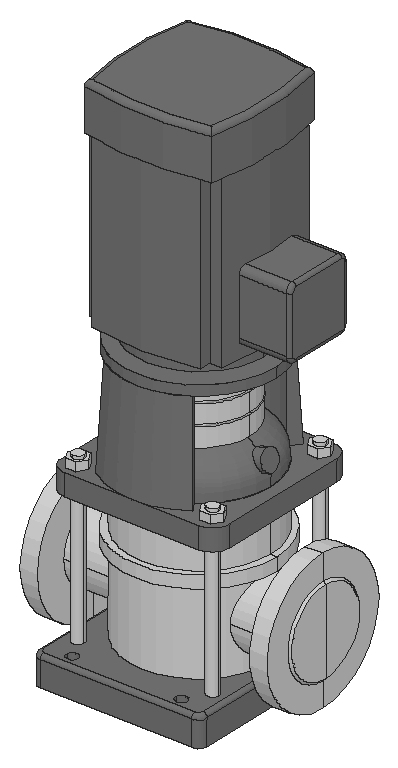
Revit family "TESK_Насос вертикальный_SVM(T)-15", category Оборудование, Revit 2019
Family settings
  Размер круглого соединителя = Использовать диаметр
  Классификация = Насос
  Тип детали = Вставляется
  На основе рабочей плоскости = Нет
  Всегда вертикально = Да
  При загрузке вырезать с полостями = Нет
  Общий = Нет
  Точка расчета площади = Нет
Parameters (values of type "Загрузите каталог типоразмеров TXT")
  Таблица_Поиска = "TESK_SVM(T)-15"  # constant formula
  Производитель_Контакты = "info@teskpump.ru"
  Напор максимальный = 0
  Материал_КорпусУлитка = TESK_Нержавеющая сталь
  Материал_КорпусДвигателя = TESK_Черный_Ребра_Условный
  Материал_2 = TESK_Нержавеющая сталь
  Материал_1 = TESK_Черный_Условный
  Длина_ВспомЛиния = 30 mm  # constant formula
  Высота_Перехода = size_lookup(Таблица_Поиска, "A5", 130 mm, ADSK_Марка)  # 130 mm
  Высота_Корпуса = size_lookup(Таблица_Поиска, "A1", 352 mm, ADSK_Марка)  # 352 mm
  Watermark [instance] = "Модели защищены уникальным кодом"
  URL = "www.teskpump.ru"
  ADSK_Свободный напор жидкости [instance] = 0.0 Pa
  ADSK_Расход жидкости [instance] = 0.0 L/s
  ADSK_Полная мощность = ADSK_Номинальная мощность * ADSK_Коэффициент мощности  # 0 kVA
  ADSK_Номинальная мощность = size_lookup(Таблица_Поиска, "Pow", 0 kW, ADSK_Марка)  # 0 kW
  ADSK_Напряжение = 400 V
  ADSK_Наименование краткое = "Вертикальный многоступенчатый центробежный насос"  # constant formula
  ADSK_Наименование = size_lookup(Таблица_Поиска, "Name", "Не найдено: Насос TESK SVM(T)-15", ADSK_Марка)  # "Не найдено: Насос TESK SVM(T)-15"
  ADSK_Масса_Текст = size_lookup(Таблица_Поиска, "mass_t", "Не найдено: Насос TESK SVM(T)-15", ADSK_Марка)  # "Не найдено: Насос TESK SVM(T)-15"
  ADSK_Масса = size_lookup(Таблица_Поиска, "mass", 0, ADSK_Марка)  # 0
  ADSK_Марка = "Загрузите каталог типоразмеров TXT"
  ADSK_Коэффициент мощности = 1
  ADSK_Количество фаз числовое = ADSK_Количество фаз  # 3
  ADSK_Количество фаз = if(ADSK_Напряжение = 230 V, 1, 3)  # 3
  ADSK_Количество = 1  # constant formula
  ADSK_Код изделия = size_lookup(Таблица_Поиска, "code", "Не найдено: Насос TESK SVM(T)-15", ADSK_Марка)  # "Не найдено: Насос TESK SVM(T)-15"
  ADSK_Классификация нагрузок = Прочее
  ADSK_Завод-изготовитель = "TESK"  # constant formula
  ADSK_Единица измерения = "шт."  # constant formula
  ADSK_Диаметр условный = 50 mm  # constant formula
  ADSK_Версия семейства = "1.0"  # constant formula
  ADSK_Версия Revit = "2019"  # constant formula
  Фланец_Толщина = 24 mm  # constant formula
  УГО_Длина = 300 mm  # constant formula
  Двигатель_Ширина = size_lookup(Таблица_Поиска, "A3", 170 mm, ADSK_Марка)  # 170 mm
  Двигатель_ОтступКоробки = size_lookup(Таблица_Поиска, "A4", 142 mm, ADSK_Марка)  # 142 mm
  Двигатель_Высота = size_lookup(Таблица_Поиска, "A2", 280 mm, ADSK_Марка)  # 280 mm
Reference planes
  plane 1 "По центру (Вперед/Назад)": y = 0
  plane 2: z = 0
  plane 3 "По центру (Влево/Вправо)": x = 0
  plane 4: x = -150
  plane 5: x = 150
  plane 6: x = -126
  plane 7: x = 126
  plane 8: z = -90
  plane 9: z = 262
  plane 10: z = -55
  plane 11: x = -85
  plane 12: z = 132
  plane 13: x = -50
  plane 14: z = 132
  plane 15: z = 107
  plane 16: x = -100
  plane 17: y = 100
  plane 18: x = 100
  plane 19: y = -100
  plane 20: z = 250
  plane 21: z = 177
  plane 22: x = -58
  plane 23: x = -60
  plane 24: z = 201.333
  plane 25: z = 225.667
  plane 26: z = 226.667
  plane 27: z = 224.667
  plane 28: z = 202.333
  plane 29: z = 200.333
  plane 30: z = 245
  plane 31: x = -85
  plane 32: x = -100
  plane 33: x = -92
  plane 34: x = -80
  plane 35: x = 80
  plane 36: y = -80
  plane 37: y = 80
  plane 38: z = 145
  plane 39: x = -100
  plane 40: x = 100
  plane 41: y = 123.5
  plane 42: y = -123.5
  plane 43: x = -65
  plane 44: x = 65
  plane 45: y = -107.5
  plane 46: y = 107.5
  plane 47: z = 45
  plane 48: z = 60
  plane 49: x = -85
  plane 50: x = -93
  plane 51: x = -80
  plane 52: x = 80
  plane 53: y = 80
  plane 54: y = -80
  plane 55: z = 60
  plane 56: z = -60
  plane 57: x = 95
  plane 58: x = 100
  plane 59: x = 85
  plane 60: x = 100
  plane 61: x = 92
  plane 62: z = 183.387
  plane 63: x = 55
  plane 64: z = 152
Forms (mm)
  Extrusion 1, solid, material "TESK_Нержавеющая сталь" <- "Материал_КорпусУлитка", detail levels fine
    sketch origin (0, 0, 0) x (0, 1, 0) y (0, 0, 1)
      loop
        circle (0, 0) r 45
    from -126 to 126
  Revolve 2, solid, material "TESK_Черный_Условный" <- "Материал_1", detail levels fine
    sketch origin (0, 0, 0) x (1, 0, 0) y (0, 0, 1)
      loop
        line (0, 250) -> (-50, 250) -> (-50, 183.387)
        spline (-50, 183.387) -> (-51.902, 176.379) -> (-55.88, 174.278) -> (-60.634, 172.07) -> (-65.428, 169.293) -> (-69.591, 166.327) -> (-72.964, 163.449) -> (-75.78, 160.646) -> (-78.487, 157.259) -> (-80.986, 153.355) -> (-82.903, 149.12) -> (-84.356, 143.192) -> (-85, 132)
        line (-85, 132) -> (-85, 107) -> (0, 107) -> (0, 250)
      axis (0, 107) -> (0, 250)
    angle from 0 to 360
  Extrusion 3, solid, material "TESK_Черный_Условный" <- "Материал_1", detail levels fine
    sketch origin (0, 0, 0) x (1, 0, 0) y (0, 1, 0)
      loop
        line (-100, 80) -> (-100, -80)
        arc (-100, -80) -> (-94.142, -94.142) -> (-80, -100) r 20
        line (-80, -100) -> (80, -100)
        arc (80, -100) -> (94.142, -94.142) -> (100, -80) r 20
        line (100, -80) -> (100, 80)
        arc (100, 80) -> (94.142, 94.142) -> (80, 100) r 20
        line (80, 100) -> (-80, 100)
        arc (-80, 100) -> (-94.142, 94.142) -> (-100, 80) r 20
    from 107 to 132
  Revolve 4, solid, material "TESK_Нержавеющая сталь" <- "Материал_2", detail levels fine
    sketch origin (0, 0, 0) x (1, 0, 0) y (0, 0, 1)
      loop
        line (-60, 245) -> (-60, 226.667)
        arc (-60, 226.667) -> (-61, 225.667) -> (-60, 224.667) r 1
        line (-60, 224.667) -> (-60, 202.333)
        arc (-60, 202.333) -> (-61, 201.333) -> (-60, 200.333) r 1
        line (-60, 200.333) -> (-60, 177) -> (-58, 177) -> (-58, 245) -> (-60, 245)
      axis (0, 177) -> (0, 245)
    angle from 0 to 360
  Extrusion 5, solid, material "TESK_Черный_Условный" <- "Материал_1", detail levels fine
    sketch origin (0, 0, 0) x (1, 0, 0) y (0, 1, 0)
      loop
        circle (0, 0) r 92
    from 250 to 262
  Revolve 6, solid, material "TESK_Черный_Условный" <- "Материал_1", detail levels fine
    sketch origin (0, 0, 0) x (1, 0, 0) y (0, 0, 1)
      loop
        line (-85, 250) -> (-92, 250) -> (-100, 132) -> (-85, 132) -> (-85, 250)
      axis (0, 132) -> (0, 250)
    angle from -125 to -55
  Extrusion 7, solid, material "TESK_Нержавеющая сталь" <- "Материал_2", detail levels fine
    sketch origin (0, 0, 0) x (1, 0, 0) y (0, 1, 0)
      loop
        circle (-80, 80) r 7
      loop
        circle (80, 80) r 7
      loop
        circle (-80, -80) r 7
      loop
        circle (80, -80) r 7
    from -55 to 145
  Extrusion 8, solid, material "TESK_Черный_Условный" <- "Материал_1", detail levels fine
    sketch origin (0, 0, 0) x (1, 0, 0) y (0, 1, 0)
      loop
        arc (-90, 123.5) -> (-97.071, 120.571) -> (-100, 113.5) r 10
        line (-100, 113.5) -> (-100, -113.5)
        arc (-100, -113.5) -> (-97.071, -120.571) -> (-90, -123.5) r 10
        line (-90, -123.5) -> (90, -123.5)
        arc (90, -123.5) -> (97.071, -120.571) -> (100, -113.5) r 10
        line (100, -113.5) -> (100, 113.5)
        arc (100, 113.5) -> (97.071, 120.571) -> (90, 123.5) r 10
        line (90, 123.5) -> (-90, 123.5)
    from -90 to -55
  Extrusion 9, void
    sketch origin (0, 0, 0) x (1, 0, 0) y (0, 1, 0)
      loop
        circle (-65, 107.5) r 7
      loop
        circle (65, 107.5) r 7
      loop
        circle (-65, -107.5) r 7
      loop
        circle (65, -107.5) r 7
    from -90 to -55
  Revolve 10, solid, material "TESK_Нержавеющая сталь" <- "Материал_КорпусУлитка", detail levels fine
    sketch origin (0, 0, 0) x (1, 0, 0) y (0, 0, 1)
      loop
        line (-85, -55) -> (0, -55) -> (0, 60) -> (-93, 60) -> (-93, 45) -> (-85, 45) -> (-85, -55)
      axis (0, -55) -> (0, 60)
    angle from 0 to 360
  Extrusion 11, solid, material "TESK_Нержавеющая сталь" <- "Материал_2", detail levels fine
    sketch origin (0, 0, 0) x (1, 0, 0) y (0, 1, 0)
      loop
        circle (0, 0) r 85
    from 60 to 107
  Sweep 12, void
    path in 3D
      loop
        arc (100, 113.5, -55) -> (97.071, 120.571, -55) -> (90, 123.5, -55) r 10
        line (90, 123.5, -55) -> (-90, 123.5, -55)
        arc (-90, 123.5, -55) -> (-97.071, 120.571, -55) -> (-100, 113.5, -55) r 10
        line (-100, 113.5, -55) -> (-100, -113.5, -55)
        arc (-100, -113.5, -55) -> (-97.071, -120.571, -55) -> (-90, -123.5, -55) r 10
        line (-90, -123.5, -55) -> (90, -123.5, -55)
        arc (90, -123.5, -55) -> (97.071, -120.571, -55) -> (100, -113.5, -55) r 10
        line (100, -113.5, -55) -> (100, 113.5, -55)
    profile origin (100, 0, -55) x (-1, 0, 0) y (0, 0, 1)
      loop
        line (5, 0) -> (0, 0) -> (0, -5)
        arc (0, -5) -> (1.464, -1.464) -> (5, 0) r 5
  Revolve 13, solid, material "TESK_Черный_Условный" <- "Материал_1", detail levels fine
    sketch origin (0, 0, 0) x (-1, 0, 0) y (0, 0, 1)
      loop
        line (-85, 250) -> (-92, 250) -> (-100, 132) -> (-85, 132) -> (-85, 250)
      axis (0, 132) -> (0, 250)
    angle from 125 to 55
  Sweep 14, solid, material "TESK_Черный_Условный" <- "Материал_1", detail levels fine
    path in 3D
      loop
        line (55, 0, 152) -> (83.978, 0, 159.765)
    profile origin (69.489, 0, 155.882) x (-0.258819, 0, 0.965926) y (0, -1, 0)
      loop
        circle (0, 0) r 12.65
Cuts and joins
  Extrusion 9, Sweep 12 cuts Extrusion 8
Lines and regions (mm)
  sketch lines
    curve 1: line (100, -113.5, -55) -> (100, 113.5, -55)
    curve 2: arc (90, 123.5, -55) -> (97.071, 120.571, -55) -> (100, 113.5, -55) r 10
    curve 3: line (90, 123.5, -55) -> (-90, 123.5, -55)
    curve 4: arc (-100, 113.5, -55) -> (-97.071, 120.571, -55) -> (-90, 123.5, -55) r 10
    curve 5: line (-100, 113.5, -55) -> (-100, -113.5, -55)
    curve 6: arc (-90, -123.5, -55) -> (-97.071, -120.571, -55) -> (-100, -113.5, -55) r 10
    curve 7: line (-90, -123.5, -55) -> (90, -123.5, -55)
    curve 8: arc (100, -113.5, -55) -> (97.071, -120.571, -55) -> (90, -123.5, -55) r 10
    curve 10: line (55, 0, 152) -> (83.978, 0, 159.765)
  reference lines
    curve 9: line (55, 0, 152) -> (83.978, 0, 159.765)
Dimensions and locks
  locked: plane 3 "По центру (Влево/Вправо)" to plane 4 at 150
  locked: plane 5 to plane 3 "По центру (Влево/Вправо)" at 150
  locked: plane 2 to plane 8 at 90
  locked: plane 10 to plane 8 at 35
  locked: plane 3 "По центру (Влево/Вправо)" to plane 11 at 85
  "Высота_Перехода": plane 9 to plane 12
  locked: plane 3 "По центру (Влево/Вправо)" to plane 13 at 50
  "Высота_Перехода": plane 9 to plane 14
  locked: plane 14 to plane 15 at 25
  equal spacing: plane 16, plane 3 "По центру (Влево/Вправо)", plane 18
  equal spacing: plane 17, plane 1 "По центру (Вперед/Назад)", plane 19
  locked: plane 19 to plane 1 "По центру (Вперед/Назад)" at 100
  locked: plane 16 to plane 3 "По центру (Влево/Вправо)" at 100
  locked: plane 21 to plane 14 at 45
  locked: plane 9 to plane 20 at 12
  locked: plane 3 "По центру (Влево/Вправо)" to plane 22 at 58
  locked: plane 3 "По центру (Влево/Вправо)" to plane 23 at 60
  equal spacing: plane 20, plane 25, plane 24, plane 21
  plane 26 to plane 25 to plane 27 = 1 mm locked, 1 mm locked
  plane 28 to plane 24 to plane 29 = 1 mm locked, 1 mm locked
  locked: plane 20 to plane 30 at 5
  locked: plane 3 "По центру (Влево/Вправо)" to plane 31 at 85
  locked: plane 32 to plane 3 "По центру (Влево/Вправо)" at 100
  locked: plane 3 "По центру (Влево/Вправо)" to plane 33 at 92
  equal spacing: plane 34, plane 3 "По центру (Влево/Вправо)", plane 35
  locked: plane 34 to plane 3 "По центру (Влево/Вправо)" at 80
  equal spacing: plane 37, plane 1 "По центру (Вперед/Назад)", plane 36
  locked: plane 37 to plane 1 "По центру (Вперед/Назад)" at 80
  locked: plane 38 to plane 14 at 13
  equal spacing: plane 39, plane 3 "По центру (Влево/Вправо)", plane 40
  locked: plane 39 to plane 3 "По центру (Влево/Вправо)" at 100
  equal spacing: plane 41, plane 1 "По центру (Вперед/Назад)", plane 42
  locked: plane 41 to plane 1 "По центру (Вперед/Назад)" at 123.5
  equal spacing: plane 43, plane 3 "По центру (Влево/Вправо)", plane 44
  locked: plane 43 to plane 3 "По центру (Влево/Вправо)" at 65
  equal spacing: plane 46, plane 1 "По центру (Вперед/Назад)", plane 45
  locked: plane 46 to plane 1 "По центру (Вперед/Назад)" at 107.5
  locked: plane 3 "По центру (Влево/Вправо)" to plane 49 at 85
  locked: plane 49 to plane 50 at 8
  locked: plane 47 to plane 2 at 45
  locked: plane 48 to plane 47 at 15
  equal spacing: plane 53, plane 1 "По центру (Вперед/Назад)", plane 54
  locked: plane 53 to plane 1 "По центру (Вперед/Назад)" at 80
  equal spacing: plane 51, plane 3 "По центру (Влево/Вправо)", plane 52
  locked: plane 3 "По центру (Влево/Вправо)" to plane 52 at 80
  locked: plane 55 to plane 2 at 60
  locked: plane 10 to plane 56 at 5
  locked: plane 3 "По центру (Влево/Вправо)" to plane 58 at 100
  locked: plane 57 to plane 58 at 5
  locked: plane 60 to plane 3 "По центру (Влево/Вправо)" at 100
  locked: plane 3 "По центру (Влево/Вправо)" to plane 61 at 92
  locked: plane 3 "По центру (Влево/Вправо)" to plane 59 at 85
  locked: plane 62 to plane 12 at 51.387
  "Высота_Корпуса": plane 9 to plane 8
  "Фланец_Толщина": plane 6 to plane 4
  "Фланец_Толщина": plane 5 to plane 7
  locked: plane 63 to plane 3 "По центру (Влево/Вправо)" at 55
  locked: plane 64 to plane 14 at 20
  "Длина_ВспомЛиния": curve 9 to curve 9
  diameter of Extrusion 1 sketch curve = 90 mm
  radius of Extrusion 3 sketch curve = 20 mm  (x4)
  radius of Revolve 4 sketch curve = 1 mm  (x2)
  diameter of Extrusion 5 sketch curve = 184 mm
  diameter of Extrusion 7 sketch curve = 14 mm  (x4)
  radius of Extrusion 8 sketch curve = 10 mm  (x4)
  diameter of Extrusion 9 sketch curve = 14 mm  (x4)
  diameter of Extrusion 11 sketch curve = 170 mm
  radius of Sweep 12 sketch curve = 5 mm
  diameter of Sweep 14 sketch curve = 25.3 mm
  locked: plane 64 to curve 9 (angle 15.00°)
  aligned and locked: level to plane 2
  aligned and locked: plane 1 "По центру (Вперед/Назад)" to nested 1
  aligned and locked: nested 2 to plane 1 "По центру (Вперед/Назад)"
  aligned and locked: plane 4 to nested 1
  aligned and locked: nested 2 to plane 5
  aligned and locked: Extrusion 1 to plane 6
  aligned and locked: plane 7 to Extrusion 1
  aligned and locked: plane 9 to nested 3
  aligned and locked: plane 3 "По центру (Влево/Вправо)" to Revolve 2 sketch curve
  aligned and locked: Revolve 2 sketch curve to plane 3 "По центру (Влево/Вправо)"
  aligned and locked: Revolve 2 sketch curve to plane 11
  aligned and locked: plane 12 to Revolve 2 sketch curve
  aligned and locked: Extrusion 3 sketch curve to plane 16
  aligned and locked: Extrusion 3 sketch curve to plane 17
  aligned and locked: Extrusion 3 sketch curve to plane 18
  aligned and locked: Extrusion 3 sketch curve to plane 19
  aligned and locked: plane 14 to Extrusion 3
  aligned and locked: Extrusion 3 to plane 15
  aligned and locked: plane 3 "По центру (Влево/Вправо)" to Revolve 4 sketch curve
  aligned and locked: Revolve 4 sketch curve to plane 23  (x3)
  aligned and locked: Revolve 4 sketch curve to plane 21
  aligned and locked: Revolve 4 sketch curve to plane 22
  aligned and locked: Revolve 4 sketch curve to plane 30
  aligned and locked: Extrusion 5 to plane 20
  aligned and locked: plane 9 to Extrusion 5
  aligned and locked: plane 3 "По центру (Влево/Вправо)" to Revolve 6 sketch curve
  aligned and locked: Revolve 6 sketch curve to plane 31
  aligned and locked: plane 14 to Revolve 6 sketch curve
  aligned and locked: plane 37 to Extrusion 7 sketch curve  (x2)
  aligned and locked: plane 34 to Extrusion 7 sketch curve  (x2)
  aligned and locked: plane 35 to Extrusion 7 sketch curve  (x2)
  aligned and locked: plane 36 to Extrusion 7 sketch curve  (x2)
  aligned and locked: Extrusion 7 to plane 10
  aligned and locked: plane 38 to Extrusion 7
  aligned and locked: Extrusion 8 sketch curve to plane 41
  aligned and locked: Extrusion 8 sketch curve to plane 39
  aligned and locked: Extrusion 8 sketch curve to plane 40
  aligned and locked: Extrusion 8 sketch curve to plane 42
  aligned and locked: plane 8 to Extrusion 8
  aligned and locked: plane 10 to Extrusion 8
  aligned and locked: Revolve 2 sketch curve to plane 20
  aligned and locked: nested 4 to plane 1 "По центру (Вперед/Назад)"
  aligned and locked: nested 4 to plane 3 "По центру (Влево/Вправо)"
  aligned and locked: nested 5 to plane 3 "По центру (Влево/Вправо)"
  aligned and locked: nested 5 to plane 1 "По центру (Вперед/Назад)"
  aligned and locked: plane 2 to nested 5
  aligned and locked: plane 43 to Extrusion 9 sketch curve  (x2)
  aligned and locked: plane 45 to Extrusion 9 sketch curve
  aligned and locked: plane 44 to Extrusion 9 sketch curve  (x2)
  aligned and locked: plane 46 to Extrusion 9 sketch curve  (x2)
  aligned and locked: plane 10 to Extrusion 9
  aligned and locked: Extrusion 9 to plane 8
  aligned and locked: plane 3 "По центру (Влево/Вправо)" to Revolve 10 sketch curve
  aligned and locked: Revolve 10 sketch curve to plane 10
  aligned and locked: Revolve 10 sketch curve to plane 49
  aligned and locked: Revolve 10 sketch curve to plane 47
  aligned and locked: Revolve 10 sketch curve to plane 50
  aligned and locked: Revolve 10 sketch curve to plane 48
  aligned and locked: Revolve 10 sketch curve to plane 3 "По центру (Влево/Вправо)"
  aligned and locked: plane 3 "По центру (Влево/Вправо)" to nested 3
  aligned and locked: plane 1 "По центру (Вперед/Назад)" to nested 3
  aligned and locked: nested 6 to plane 53
  aligned and locked: plane 52 to nested 6
  aligned and locked: plane 53 to nested 7
  aligned and locked: plane 51 to nested 7
  aligned and locked: plane 54 to nested 9
  aligned and locked: nested 9 to plane 51
  aligned and locked: nested 8 to plane 54
  aligned and locked: nested 8 to plane 52
  aligned and locked: plane 14 to nested 8
  aligned and locked: nested 6 to plane 14
  aligned and locked: nested 9 to plane 14
  aligned and locked: plane 14 to nested 7
  aligned and locked: Revolve 2 sketch curve to plane 15
  aligned and locked: plane 1 "По центру (Вперед/Назад)" to Extrusion 11 sketch curve
  aligned and locked: plane 3 "По центру (Влево/Вправо)" to Extrusion 11 sketch curve
  aligned and locked: plane 15 to Extrusion 11
  aligned and locked: Extrusion 11 to plane 55
  aligned and locked: plane 10 to Sweep 12 sketch curve
  aligned and locked: plane 58 to Sweep 12 sketch curve
  aligned and locked: Revolve 2 sketch curve to plane 13
  aligned and locked: Revolve 6 sketch curve to plane 20
  aligned and locked: plane 33 to Revolve 6 sketch curve
  aligned and locked: Revolve 13 sketch curve to plane 59
  aligned and locked: Revolve 13 sketch curve to plane 60
  aligned and locked: Revolve 13 sketch curve to plane 14
  aligned and locked: Revolve 13 sketch curve to plane 20
  aligned and locked: plane 62 to Revolve 2 sketch curve
  aligned and locked: plane 32 to Revolve 6 sketch curve
  aligned and locked: plane 61 to Revolve 13 sketch curve
  aligned and locked: plane 64 to curve 9
  aligned and locked: plane 63 to curve 9
Automatic sketch dimensions
  Extrusion 1 sketch curve to level = 0 mm
  Extrusion 1 sketch curve to plane 1 "По центру (Вперед/Назад)" = 0 mm
  Revolve 4 sketch curve to plane 29 = 0 mm
  Revolve 4 sketch curve to plane 27 = 0 mm
  Revolve 4 sketch curve to plane 21 = 10 mm
  plane 38 to Revolve 4 sketch curve = 2 mm
  plane 1 "По центру (Вперед/Назад)" to Extrusion 5 sketch curve = 0 mm
  Extrusion 5 sketch curve to plane 3 "По центру (Влево/Вправо)" = 0 mm
  Extrusion 9 sketch curve to plane 45 = 0 mm
  Revolve 10 sketch curve to plane 15 = 30 mm
  Revolve 10 sketch curve to plane 15 = 10 mm
  Sweep 12 sketch curve to profile plane = 0 mm
  Sweep 12 sketch curve to plane 57 = 0 mm
  Sweep 12 sketch curve to plane 56 = 0 mm  (x2)
  Revolve 6 sketch curve to plane 21 = 7.057 mm
  Revolve 13 sketch curve to plane 3 "По центру (Влево/Вправо)" = 0 mm
  plane 21 to Revolve 13 sketch curve = 7.057 mm
  plane 38 to Revolve 6 sketch curve = 5 mm
  Revolve 13 sketch curve to plane 38 = 5 mm
  Sweep 14 sketch curve to profile plane = 0 mm
  profile plane to Sweep 14 sketch curve = 0 mm
  Revolve 2 sketch curve to plane 15 = 8 mm
  Revolve 2 sketch curve to Revolve 2 sketch curve = 2 mm
Nested families
  nested 1: "Фланец_Круглый" at (-126, 0, 0), Толщина_Фланца <- "Фланец_Толщина", ADSK_Материал <- "Материал_КорпусУлитка", type "Фланец_Круглый", detail levels fine
    with Толщина_Фланца 24 mm, Толщина_Зеркала 3 mm, Dнар_Фланца 165 mm, D_Зеркала 100 mm, ADSK_Материал TESK_Нержавеющая сталь
  nested 2: "Фланец_Круглый" at (126, 0, 0) x (-1, 0, 0) z (0, 0, 1), Толщина_Фланца <- "Фланец_Толщина", ADSK_Материал <- "Материал_КорпусУлитка", type "Фланец_Круглый", detail levels fine
    with Толщина_Фланца 24 mm, Толщина_Зеркала 3 mm, Dнар_Фланца 165 mm, D_Зеркала 100 mm, ADSK_Материал TESK_Нержавеющая сталь
  nested 3: "Электродвигатель" at (0, 0, 262), Высота_Двигателя <- "Двигатель_Высота", Отступ_Коробка <- "Двигатель_ОтступКоробки", Ширина_Двигателя <- "Двигатель_Ширина", ADSK_Материал <- "Материал_1", Материал_Корпуса <- "Материал_КорпусДвигателя", type "Электродвигатель", detail levels fine
    with Ширина_Коробки 85 mm, Ширина_Двигателя 170 mm, Отступ_Коробка 142 mm, Материал_Корпуса TESK_Черный_Ребра_Условный, Высота_Двигателя 280 mm, r_Крышка 6.8 mm, r_Коробка 8.5 mm, r2_Коробка 4.25 mm, r2 76.5 mm, r1 62.9 mm, h4 14 mm, h3 56 mm, h2 16.8 mm, h1 5.6 mm, a 20.4 mm, R 323 mm, ADSK_Материал TESK_Черный_Условный
  nested 4: "Вл_УГО_Насос_2D" at (0, 0, 0) x (-1, 0, 0) z (0, 0, 1), L_УГО <- "УГО_Длина", type "Вл_УГО_Насос_2D", detail levels coarse+medium
    with L_УГО 300 mm
  nested 5: "Вл_УГО_Насос_3D" at (0, 0, 0) x (-1, 0, 0) z (0, -1, 0), L_УГО <- "УГО_Длина", type "Вл_УГО_Насос_3D", detail levels coarse+medium
    with L_УГО 300 mm
  nested 6: "Гайка_Условная" at (80, 80, 132), Материал1 <- "Материал_2", type "Гайка_Условная", detail levels fine
    with Толщина_Гайка 10 mm, Материал1 TESK_Нержавеющая сталь, S_Гайка 22 mm, D_Вн 14 mm
  nested 7: "Гайка_Условная" at (-80, 80, 132) x (-1, 0, 0) z (0, 0, 1), Материал1 <- "Материал_2", type "Гайка_Условная", detail levels fine
    with Толщина_Гайка 10 mm, Материал1 TESK_Нержавеющая сталь, S_Гайка 22 mm, D_Вн 14 mm
  nested 8: "Гайка_Условная" at (80, -80, 132), Материал1 <- "Материал_2", type "Гайка_Условная", detail levels fine
    with Толщина_Гайка 10 mm, Материал1 TESK_Нержавеющая сталь, S_Гайка 22 mm, D_Вн 14 mm
  nested 9: "Гайка_Условная" at (-80, -80, 132) x (-1, 0, 0) z (0, 0, 1), Материал1 <- "Материал_2", type "Гайка_Условная", detail levels fine
    with Толщина_Гайка 10 mm, Материал1 TESK_Нержавеющая сталь, S_Гайка 22 mm, D_Вн 14 mm
Connectors
  electrical at (0, 0, 486), driven by "ADSK_Количество фаз", driven by "ADSK_Классификация нагрузок", driven by "ADSK_Напряжение", driven by "ADSK_Полная мощность", driven by "ADSK_Коэффициент мощности"
    settings: on nested 3, index 1, voltage 400 V, apparent load 0 kVA, apparent load phase1 0 kVA, apparent load phase2 0 kVA, apparent load phase3 0 kVA, power factor 1, load classification "Прочее", number of poles 3, system type 30, power factor state 1, is connector primary yes, connector utility no, sub classification motor no, connector description ""
  piping at (150, 0, 0), diameter 50, driven by "ADSK_Расход жидкости", driven by "ADSK_Диаметр условный"
    settings: on nested 2, index 2, connector inside diameter 609.6 mm, connector length 0 mm, flow factor 0, pipe flow 0.0 L/s, pressure drop 0.0 Pa, fitting loss kfactor 0, connector angle 0.00°, fixture units 0, engagement length 0 mm, angle of deflection 0.00°, flow configuration 0, flow direction 2, fitting loss method 0, system type 29, joint type 0, gender type 0, connector reference index 3, connector utility 0, adjustable connector no, is connector primary yes, connector description ""
  piping at (-150, 0, 0), diameter 50, driven by "ADSK_Расход жидкости", driven by "ADSK_Диаметр условный"
    settings: on nested 1, index 3, connector inside diameter 609.6 mm, connector length 0 mm, flow factor 0, pipe flow 0.0 L/s, pressure drop 0.0 Pa, fitting loss kfactor 0, connector angle 0.00°, fixture units 0, engagement length 0 mm, angle of deflection 0.00°, flow configuration 0, flow direction 1, fitting loss method 0, system type 29, joint type 0, gender type 0, connector reference index 2, connector utility 0, adjustable connector no, is connector primary no, connector description ""
Definition of nested family "Фланец_Круглый"
  Parameters (values of type "Фланец_Круглый")
    Толщина_Фланца [instance] = 30 mm
    Толщина_Зеркала [instance] = 2 mm
    Dнар_Фланца [instance] = 200 mm
    D_Зеркала [instance] = 90 mm
    ADSK_Материал [instance] = none
  Reference planes
    plane 1 "По центру (Вперед/Назад)": y = 0
    plane 2: z = 0
    plane 3 "По центру (Влево/Вправо)": x = 0
    plane 4: z = 100
    plane 5: z = -100
    plane 6: x = -30
    plane 7: x = -28
    plane 8: z = 45
    plane 9: z = -45
  Forms (mm)
    Revolve 1, solid, material <- "ADSK_Материал"
      sketch origin (0, 0, 0) x (1, 0, 0) y (0, 0, 1)
        loop
          line (0, 100) -> (-28, 100) -> (-28, 0) -> (0, 0) -> (0, 100)
        axis (-28, 0) -> (0, 0)
      angle from 0 to 360
    Revolve 2, solid, material <- "ADSK_Материал"
      sketch origin (0, 0, 0) x (1, 0, 0) y (0, 0, 1)
        loop
          line (-28, 47) -> (-30, 45) -> (-30, 0) -> (-28, 0) -> (-28, 47)
        axis (-30, 0) -> (-28, 0)
      angle from 0 to 360
  Cuts and joins
    joined: Revolve 1, Revolve 2
  Dimensions and locks
    equal spacing: plane 4, plane 2, plane 5
    "Dнар_Фланца": plane 4 to plane 5
    "Толщина_Фланца": plane 3 "По центру (Влево/Вправо)" to plane 6
    "Толщина_Зеркала": plane 7 to plane 6
    equal spacing: plane 8, plane 2, plane 9
    "D_Зеркала": plane 8 to plane 9
    locked: Revolve 2 sketch curve to plane 6 (angle 45.00°)
    aligned and locked: level to plane 2
    aligned and locked: Revolve 1 sketch curve to plane 2  (x2)
    aligned and locked: Revolve 1 sketch curve to plane 3 "По центру (Влево/Вправо)"
    aligned and locked: Revolve 1 sketch curve to plane 7
    aligned and locked: Revolve 1 sketch curve to plane 4
    aligned and locked: Revolve 2 sketch curve to plane 2  (x2)
    aligned and locked: Revolve 2 sketch curve to plane 7
    aligned and locked: Revolve 2 sketch curve to plane 6
    aligned and locked: plane 8 to Revolve 2 sketch curve
  Automatic sketch dimensions
    plane 7 to Revolve 1 sketch curve = 5 mm
    Revolve 1 sketch curve to plane 3 "По центру (Влево/Вправо)" = 2 mm
    plane 7 to Revolve 2 sketch curve = 12.352 mm
    Revolve 2 sketch curve to plane 3 "По центру (Влево/Вправо)" = 5.648 mm
Definition of nested family "Электродвигатель"
  Parameters (values of type "Электродвигатель")
    Ширина_Коробки [instance] = Ширина_Двигателя * 0.5  # 74 mm
    Ширина_Двигателя [instance] = 148 mm
    Отступ_Коробка [instance] = 117 mm
    Материал_Корпуса [instance] = none
    Высота_Двигателя [instance] = 239 mm
    r_Крышка [instance] = Ширина_Двигателя * 0.04  # 5.92 mm
    r_Коробка [instance] = Ширина_Коробки * 0.1  # 7.4 mm
    r2_Коробка [instance] = Ширина_Коробки * 0.05  # 3.7 mm
    r2 [instance] = Ширина_Двигателя * 0.45  # 66.6 mm
    r1 [instance] = Ширина_Двигателя * 0.37  # 54.76 mm
    h4 [instance] = Высота_Двигателя * 0.05  # 11.95 mm
    h3 [instance] = Высота_Двигателя * 0.2  # 47.8 mm
    h2 [instance] = Высота_Двигателя * 0.06  # 14.34 mm
    h1 [instance] = Высота_Двигателя * 0.02  # 4.78 mm
    a [instance] = Ширина_Двигателя * 0.12  # 17.76 mm
    R [instance] = Ширина_Двигателя * 1.9  # 281.2 mm
    ADSK_Материал [instance] = none
  Reference planes
    plane 1 "По центру (Вперед/Назад)": y = 0
    plane 2: z = 0
    plane 3 "По центру (Влево/Вправо)": x = 0
    plane 4: z = 239
    plane 5: x = -74
    plane 6: x = 74
    plane 7: x = 117
    plane 8: y = 74
    plane 9: y = -74
    plane 10: z = 4.78
    plane 11: z = 19.12
    plane 12: z = 191.2
    plane 13: x = -56.24
    plane 14: y = -56.24
    plane 15: y = 56.24
    plane 16: x = -56.24
    plane 17: x = 56.24
    plane 18: y = 56.24
    plane 19: x = 56.24
    plane 20: y = -56.24
    plane 21: x = -66.6
    plane 22: x = -54.76
    plane 23: x = 207.2
    plane 24: x = -207.2
    plane 25: y = -207.2
    plane 26: y = 207.2
    plane 27: x = 207.2
    plane 28: y = -207.2
    plane 29: x = -207.2
    plane 30: y = 207.2
    plane 31: y = 68.08
    plane 32: z = 233.08
    plane 33: z = 31.07
    plane 34: z = 105.07
    plane 35: y = -37
    plane 36: y = 37
    plane 37: x = 113.3
    plane 38: z = 101.37
  Forms (mm)
    Extrusion 1, solid, material <- "Материал_Корпуса"
      sketch origin (0, 0, 0) x (1, 0, 0) y (0, 1, 0)
        loop
          arc (-68.319, 56.24) -> (-74, 0) -> (-68.319, -56.24) r 281.2
          line (-68.319, -56.24) -> (-56.24, -56.24) -> (-56.24, -68.319)
          arc (-56.24, -68.319) -> (0, -74) -> (56.24, -68.319) r 281.2
          line (56.24, -68.319) -> (56.24, -56.24) -> (68.319, -56.24)
          arc (68.319, -56.24) -> (74, 0) -> (68.319, 56.24) r 281.2
          line (68.319, 56.24) -> (56.24, 56.24) -> (56.24, 68.319)
          arc (56.24, 68.319) -> (0, 74) -> (-56.24, 68.319) r 281.2
          line (-56.24, 68.319) -> (-56.24, 56.24) -> (-68.319, 56.24)
      from 19.12 to 191.2
    Revolve 2, solid, material <- "ADSK_Материал"
      sketch origin (0, 0, 0) x (1, 0, 0) y (0, 0, 1)
        loop
          line (-66.6, 19.12) -> (-66.6, 4.78) -> (-54.76, 4.78) -> (-54.76, 0) -> (0, 0) -> (0, 19.12) -> (-66.6, 19.12)
        axis (0, 0) -> (0, 19.12)
      angle from 0 to 360
    Extrusion 3, solid, material <- "ADSK_Материал"
      sketch origin (0, 0, 0) x (1, 0, 0) y (0, 1, 0)
        loop
          arc (-66.117, 66.117) -> (-74, 0) -> (-66.117, -66.117) r 281.2
          arc (-66.117, -66.117) -> (0, -74) -> (66.117, -66.117) r 281.2
          arc (66.117, -66.117) -> (74, 0) -> (66.117, 66.117) r 281.2
          arc (66.117, 66.117) -> (0, 74) -> (-66.117, 66.117) r 281.2
      from 191.2 to 239
    Sweep 4, void
      path in 3D
        loop
          arc (66.117, 66.117, 239) -> (74, 0, 239) -> (66.117, -66.117, 239) r 281.2
          arc (66.117, -66.117, 239) -> (0, -74, 239) -> (-66.117, -66.117, 239) r 281.2
          arc (-66.117, -66.117, 239) -> (-74, 0, 239) -> (-66.117, 66.117, 239) r 281.2
          arc (-66.117, 66.117, 239) -> (0, 74, 239) -> (66.117, 66.117, 239) r 281.2
      profile origin (0, 74, 239) x (0, 1, 0) y (0, 0, 1)
        loop
          line (0, 0) -> (-5.92, 0)
          arc (-5.92, 0) -> (-1.734, -1.734) -> (0, -5.92) r 5.92
          line (0, -5.92) -> (0, 0)
    Extrusion 5, solid, material <- "ADSK_Материал"
      sketch origin (0, 0, 0) x (0, 1, 0) y (0, 0, 1)
        loop
          line (-29.6, 31.07) -> (29.6, 31.07)
          arc (29.6, 31.07) -> (34.833, 33.237) -> (37, 38.47) r 7.4
          line (37, 38.47) -> (37, 97.67)
          arc (37, 97.67) -> (34.833, 102.903) -> (29.6, 105.07) r 7.4
          line (29.6, 105.07) -> (-29.6, 105.07)
          arc (-29.6, 105.07) -> (-34.833, 102.903) -> (-37, 97.67) r 7.4
          line (-37, 97.67) -> (-37, 38.47)
          arc (-37, 38.47) -> (-34.833, 33.237) -> (-29.6, 31.07) r 7.4
      from 0 to 117
    Sweep 6, void
      path in 3D
        loop
          arc (117, -29.6, 105.07) -> (117, -34.833, 102.903) -> (117, -37, 97.67) r 7.4
          line (117, -37, 97.67) -> (117, -37, 38.47)
          arc (117, -37, 38.47) -> (117, -34.833, 33.237) -> (117, -29.6, 31.07) r 7.4
          line (117, -29.6, 31.07) -> (117, 29.6, 31.07)
          arc (117, 29.6, 31.07) -> (117, 34.833, 33.237) -> (117, 37, 38.47) r 7.4
          line (117, 37, 38.47) -> (117, 37, 97.67)
          arc (117, 37, 97.67) -> (117, 34.833, 102.903) -> (117, 29.6, 105.07) r 7.4
          line (117, 29.6, 105.07) -> (117, -29.6, 105.07)
      profile origin (117, 0, 105.07) x (1, 0, 0) y (0, 0, 1)
        loop
          arc (-3.7, 0) -> (-1.084, -1.084) -> (0, -3.7) r 3.7
          line (0, -3.7) -> (0, 0) -> (-3.7, 0)
  Cuts and joins
    Sweep 4 cuts Extrusion 3
    Sweep 6 cuts Extrusion 5
  Lines and regions (mm)
    sketch lines
      curve 1: arc (-66.117, 66.117, 239) -> (0, 74, 239) -> (66.117, 66.117, 239) r 281.2
      curve 2: arc (66.117, 66.117, 239) -> (74, 0, 239) -> (66.117, -66.117, 239) r 281.2
      curve 3: arc (66.117, -66.117, 239) -> (0, -74, 239) -> (-66.117, -66.117, 239) r 281.2
      curve 4: arc (-66.117, -66.117, 239) -> (-74, 0, 239) -> (-66.117, 66.117, 239) r 281.2
      curve 5: line (117, 29.6, 105.07) -> (117, -29.6, 105.07)
      curve 6: arc (117, 29.6, 105.07) -> (117, 34.833, 102.903) -> (117, 37, 97.67) r 7.4
      curve 7: line (117, 37, 38.47) -> (117, 37, 97.67)
      curve 8: arc (117, 37, 38.47) -> (117, 34.833, 33.237) -> (117, 29.6, 31.07) r 7.4
      curve 9: line (117, -29.6, 31.07) -> (117, 29.6, 31.07)
      curve 10: arc (117, -29.6, 31.07) -> (117, -34.833, 33.237) -> (117, -37, 38.47) r 7.4
      curve 11: line (117, -37, 97.67) -> (117, -37, 38.47)
      curve 12: arc (117, -37, 97.67) -> (117, -34.833, 102.903) -> (117, -29.6, 105.07) r 7.4
  Dimensions and locks
    "Высота_Двигателя": plane 4 to plane 2
    equal spacing: plane 6, plane 3 "По центру (Влево/Вправо)", plane 5
    "Ширина_Двигателя": plane 6 to plane 5
    "Отступ_Коробка": plane 7 to plane 3 "По центру (Влево/Вправо)"
    equal spacing: plane 8, plane 1 "По центру (Вперед/Назад)", plane 9
    "Ширина_Двигателя": plane 8 to plane 9
    "a": plane 5 to plane 13
    "a": plane 14 to plane 9
    "a": plane 19 to plane 6
    "a": plane 20 to plane 9
    "a": plane 17 to plane 6
    "a": plane 8 to plane 18
    "a": plane 8 to plane 15
    "a": plane 5 to plane 16
    "r1": plane 3 "По центру (Влево/Вправо)" to plane 22
    "r2": plane 3 "По центру (Влево/Вправо)" to plane 21
    "h1": plane 10 to plane 2
    "h2": plane 11 to plane 10
    "h3": plane 4 to plane 12
    "R": plane 8 to plane 25
    "R": plane 5 to plane 23
    "R": plane 26 to plane 9
    "R": plane 24 to plane 6
    "R": plane 30 to plane 9
    "R": plane 8 to plane 28
    "R": plane 29 to plane 6
    "R": plane 5 to plane 27
    "r_Крышка": plane 8 to plane 31
    "r_Крышка": plane 4 to plane 32
    "h4": plane 33 to plane 11
    "Ширина_Коробки": plane 34 to plane 33
    equal spacing: plane 35, plane 1 "По центру (Вперед/Назад)", plane 36
    "Ширина_Коробки": plane 35 to plane 36
    "r2_Коробка": plane 7 to plane 37
    "r2_Коробка": plane 34 to plane 38
    "R": radius of Extrusion 1 sketch curve  (x4)
    "R": radius of Extrusion 3 sketch curve  (x4)
    "r_Крышка": radius of Sweep 4 sketch curve
    "r_Коробка": radius of Extrusion 5 sketch curve  (x4)
    "r2_Коробка": radius of Sweep 6 sketch curve
    aligned and locked: level to plane 2
    aligned and locked: Extrusion 1 sketch curve to plane 16
    aligned and locked: Extrusion 1 sketch curve to plane 17
    aligned and locked: Extrusion 1 sketch curve to plane 18
    aligned and locked: Extrusion 1 sketch curve to plane 20
    aligned and locked: Extrusion 1 sketch curve to plane 19
    aligned and locked: Extrusion 1 sketch curve to plane 13
    aligned and locked: Extrusion 1 sketch curve to plane 14
    aligned and locked: plane 12 to Extrusion 1
    aligned and locked: Extrusion 1 to plane 11
    aligned and locked: plane 3 "По центру (Влево/Вправо)" to Revolve 2 sketch curve
    aligned and locked: Revolve 2 sketch curve to plane 11
    aligned and locked: Revolve 2 sketch curve to plane 3 "По центру (Влево/Вправо)"
    aligned and locked: Revolve 2 sketch curve to level
    aligned and locked: Revolve 2 sketch curve to plane 21
    aligned and locked: Revolve 2 sketch curve to plane 22
    aligned and locked: Revolve 2 sketch curve to plane 10
    aligned and locked: plane 23 to Extrusion 1 sketch curve
    aligned and locked: plane 1 "По центру (Вперед/Назад)" to Extrusion 1 sketch curve  (x2)
    aligned and locked: plane 25 to Extrusion 1 sketch curve
    aligned and locked: plane 3 "По центру (Влево/Вправо)" to Extrusion 1 sketch curve  (x2)
    aligned and locked: plane 24 to Extrusion 1 sketch curve
    aligned and locked: plane 26 to Extrusion 1 sketch curve
    aligned and locked: plane 28 to Extrusion 3 sketch curve
    aligned and locked: plane 3 "По центру (Влево/Вправо)" to Extrusion 3 sketch curve  (x2)
    aligned and locked: plane 1 "По центру (Вперед/Назад)" to Extrusion 3 sketch curve  (x2)
    aligned and locked: plane 29 to Extrusion 3 sketch curve
    aligned and locked: plane 30 to Extrusion 3 sketch curve
    aligned and locked: plane 27 to Extrusion 3 sketch curve
    aligned and locked: plane 4 to Extrusion 3
    aligned and locked: Extrusion 3 to plane 12
    aligned and locked: profile plane to Sweep 4 sketch curve  (x2)
    aligned and locked: Extrusion 5 sketch curve to plane 33
    aligned and locked: Extrusion 5 sketch curve to plane 35
    aligned and locked: Extrusion 5 sketch curve to plane 34
    aligned and locked: Extrusion 5 sketch curve to plane 36
    aligned and locked: Extrusion 5 to plane 3 "По центру (Влево/Вправо)"
    aligned and locked: plane 7 to Extrusion 5
    aligned and locked: Sweep 6 sketch curve to plane 34
    aligned and locked: Sweep 6 sketch curve to plane 7
    aligned and locked: plane 37 to Sweep 6 sketch curve
    aligned and locked: plane 38 to Sweep 6 sketch curve
  Automatic sketch dimensions
    Extrusion 1 sketch curve to plane 15 = 0 mm
    plane 10 to Revolve 2 sketch curve = 5 mm
    Revolve 2 sketch curve to plane 11 = 0.698 mm
    Sweep 4 sketch curve to plane 31 = 0 mm  (x2)
    Sweep 4 sketch curve to plane 32 = 0 mm  (x2)
    Sweep 6 sketch curve to plane 37 = 0 mm
    Sweep 6 sketch curve to plane 38 = 0 mm
Definition of nested family "Вл_УГО_Насос_3D"
  Parameters (values of type "Вл_УГО_Насос_3D")
    L_УГО [instance] = 490 mm
    D = 200 mm  # constant formula
  Reference planes
    plane 1 "По центру (Вперед/Назад)": y = 0
    plane 2: z = 0
    plane 3 "По центру (Влево/Вправо)": x = 0
    plane 4: x = -245
    plane 5: x = 245
    plane 6: z = -1
    plane 7: z = 1
    plane 8: z = 0.5
    plane 9: z = -0.5
  Forms (mm)
    Extrusion 1, solid
      sketch origin (0, 0, 0) x (1, 0, 0) y (0, 1, 0)
        loop
          circle (0, 0) r 100
      from -0.5 to 0.5
    Extrusion 2, solid
      sketch origin (0, 0, 0) x (1, 0, 0) y (0, 1, 0)
        loop
          line (-100, 0) -> (50, -86.603) -> (50, 86.603) -> (-100, 0)
      from -1 to 1
  Lines and regions (mm)
    model lines
      curve 1: line (-245, 0, 0) -> (-100, 0, 0)
      curve 2: line (100, 0, 0) -> (245, 0, 0)
  Dimensions and locks
    equal spacing: plane 4, plane 3 "По центру (Влево/Вправо)", plane 5
    plane 7 to level to plane 6 = 1 mm locked, 1 mm locked
    plane 8 to level = 0.5 mm
    level to plane 9 = 0.5 mm
    "L_УГО": plane 4 to plane 5
    "D": diameter of Extrusion 1 sketch curve
    aligned and locked: level to plane 2
    aligned and locked: plane 3 "По центру (Влево/Вправо)" to Extrusion 1 sketch curve
    aligned and locked: plane 1 "По центру (Вперед/Назад)" to Extrusion 1 sketch curve
    aligned and locked: plane 8 to Extrusion 1
    aligned and locked: Extrusion 1 to plane 9
    aligned and locked: Extrusion 2 to plane 6
    aligned and locked: plane 7 to Extrusion 2
    aligned and locked: plane 1 "По центру (Вперед/Назад)" to curve 1
    aligned and locked: plane 4 to curve 1
    aligned and locked: plane 5 to curve 2
  Automatic sketch dimensions
    plane 1 "По центру (Вперед/Назад)" to Extrusion 2 sketch curve = 0 mm
    plane 3 "По центру (Влево/Вправо)" to Extrusion 2 sketch curve = 50 mm
    plane 1 "По центру (Вперед/Назад)" to Extrusion 2 sketch curve = 86.603 mm
    Extrusion 2 sketch curve to plane 1 "По центру (Вперед/Назад)" = 86.603 mm
    Extrusion 2 sketch curve to plane 3 "По центру (Влево/Вправо)" = 100 mm
    plane 1 "По центру (Вперед/Назад)" to curve 1 = 0 mm
    plane 1 "По центру (Вперед/Назад)" to curve 2 = 0 mm
    curve 1 to plane 3 "По центру (Влево/Вправо)" = 100 mm
    plane 3 "По центру (Влево/Вправо)" to curve 2 = 100 mm
Definition of nested family "Гайка_Условная"
  Parameters (values of type "Гайка_Условная")
    Толщина_Гайка [instance] = 10 mm
    Материал1 [instance] = none
    S_Гайка [instance] = 15 mm
    D_Вн [instance] = 10 mm
  Reference planes
    plane 1 "По центру (Вперед/Назад)": y = 0
    plane 2: z = 0
    plane 3 "По центру (Влево/Вправо)": x = 0
    plane 4: z = 10
  Forms (mm)
    Extrusion 1, solid, material <- "Материал1"
      sketch origin (0, 0, 0) x (1, 0, 0) y (0, 1, 0)
        loop
          line (8.66, 0) -> (4.33, 7.5) -> (-4.33, 7.5) -> (-8.66, 0) -> (-4.33, -7.5) -> (4.33, -7.5) -> (8.66, 0)
        loop
          circle (0, 0) r 5
      from 0 to 10
  Dimensions and locks
    equal spacing: Extrusion 1 sketch curve, plane 3 "По центру (Влево/Вправо)", Extrusion 1 sketch curve  (x3)
    "S_Гайка": Extrusion 1 sketch curve to Extrusion 1 sketch curve  (x3)
    "Толщина_Гайка": plane 4 to plane 2
    "D_Вн": diameter of Extrusion 1 sketch curve
    locked: Extrusion 1 sketch curve to Extrusion 1 sketch curve (angle 120.00°)  (x3)
    aligned and locked: level to plane 2
    aligned and locked: plane 1 "По центру (Вперед/Назад)" to Extrusion 1 sketch curve
    aligned and locked: plane 3 "По центру (Влево/Вправо)" to Extrusion 1 sketch curve
    aligned and locked: plane 4 to Extrusion 1
    aligned and locked: Extrusion 1 to plane 2
Definition of nested family "Вл_УГО_Насос_2D"
  Parameters (values of type "Вл_УГО_Насос_2D")
    L_УГО [instance] = 250 mm
    D = 200 mm  # constant formula
  Reference planes
    plane 1 "По центру (Вперед/Назад)": y = 0
    plane 2: z = 0
    plane 3 "По центру (Влево/Вправо)": x = 0
    plane 4: x = -125
    plane 5: x = 125
    plane 6: x = -100
    plane 7: x = 100
    plane 8: x = -100, in view "Опорный уровень"
  Lines and regions (mm)
    Filled region 1, type "Сплошная заливка - Черный", in view "Опорный уровень"
      outline origin (0, 0, 0) x (1, 0, 0) y (0, 1, 0)
        loop
          line (-100, 0) -> (50, -86.603) -> (50, 86.603) -> (-100, 0)
    detail lines, in view "Опорный уровень"
      curve 1: line (-125, 0, 0) -> (-100, 0, 0)
      curve 2: line (100, 0, 0) -> (125, 0, 0)
      curve 3: circle (0, 0, 0) r 100 normal (0, 0, 1)
  Dimensions and locks
    "L_УГО": plane 4 to plane 5
    equal spacing: plane 4, plane 3 "По центру (Влево/Вправо)", plane 5
    locked: plane 8 to plane 3 "По центру (Влево/Вправо)" at 100
    equal spacing: plane 6, plane 3 "По центру (Влево/Вправо)", plane 7
    "D": plane 6 to plane 7
    "D": diameter of curve 3
    aligned and locked: plane 4 to curve 1
    aligned and locked: plane 5 to curve 2
    aligned and locked: plane 1 "По центру (Вперед/Назад)" to curve 1
    aligned and locked: plane 8 to Filled region 1 sketch curve
    aligned and locked: plane 6 to curve 1
    aligned and locked: plane 7 to curve 2
    aligned and locked: plane 3 "По центру (Влево/Вправо)" to curve 3
    aligned and locked: plane 1 "По центру (Вперед/Назад)" to curve 3
  Automatic sketch dimensions
    plane 1 "По центру (Вперед/Назад)" to Filled region 1 sketch curve = 0 mm
    plane 3 "По центру (Влево/Вправо)" to Filled region 1 sketch curve = 50 mm
    plane 1 "По центру (Вперед/Назад)" to Filled region 1 sketch curve = 86.603 mm
    Filled region 1 sketch curve to plane 1 "По центру (Вперед/Назад)" = 86.603 mm
    plane 1 "По центру (Вперед/Назад)" to curve 2 = 0 mm
Types in the file's own list only (26): name | Напор максимальный | Материал_КорпусУлитка | Длина_ВспомЛиния | Высота_Перехода | Высота_Корпуса | ADSK_Полная мощность | ADSK_Номинальная мощность | ADSK_Напряжение | ADSK_Наименование | ADSK_Масса_Текст | ADSK_Масса | ADSK_Марка | ADSK_Код изделия | ADSK_Диаметр условный | Фланец_Толщина | УГО_Длина | Двигатель_Ширина | Двигатель_ОтступКоробки | Двигатель_Высота
  SVM 15-1 1.1kW 3x380V 50Hz IE3 | 13 | TESK_Нержавеющая сталь | 30 мм | 130 мм | 352 мм | 1 кВ·А | 1 кВт | 400 В | "Вертикальный многоступенчатый центробежный насос SVM, DN50, PN25, Hmax=13м (3x380V 50Hz IE3)" | "33" | 33 | "SVM 15-1 1.1kW 3x380V 50Hz IE3" | "7715-1003380NSSF" | 50 мм | 24 мм | 300 мм | 170 мм | 142 мм | 280 мм
  SVM 15-2 2.2kW 3x380V 50Hz IE3 | 26 | TESK_Нержавеющая сталь | 30 мм | 150 мм | 397 мм | 2 кВ·А | 2 кВт | 400 В | "Вертикальный многоступенчатый центробежный насос SVM, DN50, PN25, Hmax=26м (3x380V 50Hz IE3)" | "42" | 42 | "SVM 15-2 2.2kW 3x380V 50Hz IE3" | "7715-20003380NSSF" | 50 мм | 24 мм | 300 мм | 190 мм | 155 мм | 333 мм
  SVM 15-3 3kW 3x380V 50Hz IE3 | 39.5 | TESK_Нержавеющая сталь | 30 мм | 170 мм | 452 мм | 3 кВ·А | 3 кВт | 400 В | "Вертикальный многоступенчатый центробежный насос SVM, DN50, PN25, Hmax=39.5м (3x380V 50Hz IE3)" | "50" | 50 | "SVM 15-3 3kW 3x380V 50Hz IE3" | "7715-30003380NSSF" | 50 мм | 24 мм | 300 мм | 197 мм | 165 мм | 348 мм
  SVM 15-4 4kW 3x380V 50Hz IE3 | 53 | TESK_Нержавеющая сталь | 30 мм | 190 мм | 497 мм | 4 кВ·А | 4 кВт | 400 В | "Вертикальный многоступенчатый центробежный насос SVM, DN50, PN25, Hmax=53м (3x380V 50Hz IE3)" | "59" | 59 | "SVM 15-4 4kW 3x380V 50Hz IE3" | "7715-40003380NSSF" | 50 мм | 24 мм | 300 мм | 230 мм | 185 мм | 382 мм
  SVM 15-5 4kW 3x380V 50Hz IE3 | 67 | TESK_Нержавеющая сталь | 30 мм | 190 мм | 542 мм | 4 кВ·А | 4 кВт | 400 В | "Вертикальный многоступенчатый центробежный насос SVM, DN50, PN25, Hmax=67м (3x380V 50Hz IE3)" | "60" | 60 | "SVM 15-5 4kW 3x380V 50Hz IE3" | "7715-50003380NSSF" | 50 мм | 24 мм | 300 мм | 230 мм | 185 мм | 382 мм
  SVM 15-6 5.5kW 3x380V 50Hz IE3 | 80.5 | TESK_Нержавеющая сталь | 30 мм | 210 мм | 607 мм | 6 кВ·А | 6 кВт | 400 В | "Вертикальный многоступенчатый центробежный насос SVM, DN50, PN25, Hmax=80.5м (3x380V 50Hz IE3)" | "77" | 77 | "SVM 15-6 5.5kW 3x380V 50Hz IE3" | "7715-60003380NSSF" | 50 мм | 24 мм | 300 мм | 260 мм | 210 мм | 435 мм
  SVM 15-7 5.5kW 3x380V 50Hz IE3 | 94 | TESK_Нержавеющая сталь | 30 мм | 210 мм | 652 мм | 6 кВ·А | 6 кВт | 400 В | "Вертикальный многоступенчатый центробежный насос SVM, DN50, PN25, Hmax=94м (3x380V 50Hz IE3)" | "78" | 78 | "SVM 15-7 5.5kW 3x380V 50Hz IE3" | "7715-70003380NSSF" | 50 мм | 24 мм | 300 мм | 260 мм | 210 мм | 435 мм
  SVM 15-8 7.5kW 3x380V 50Hz IE3 | 107.5 | TESK_Нержавеющая сталь | 30 мм | 210 мм | 697 мм | 8 кВ·А | 8 кВт | 400 В | "Вертикальный многоступенчатый центробежный насос SVM, DN50, PN25, Hmax=107.5м (3x380V 50Hz IE3)" | "86" | 86 | "SVM 15-8 7.5kW 3x380V 50Hz IE3" | "7715-80003380NSSF" | 50 мм | 24 мм | 300 мм | 260 мм | 210 мм | 435 мм
  SVM 15-9 7.5kW 3x380V 50Hz IE3 | 120 | TESK_Нержавеющая сталь | 30 мм | 210 мм | 742 мм | 8 кВ·А | 8 кВт | 400 В | "Вертикальный многоступенчатый центробежный насос SVM, DN50, PN25, Hmax=120м (3x380V 50Hz IE3)" | "87" | 87 | "SVM 15-9 7.5kW 3x380V 50Hz IE3" | "7715-90003380NSSF" | 50 мм | 24 мм | 300 мм | 260 мм | 210 мм | 435 мм
  SVM 15-10 11kW 3x380V 50Hz IE3 | 134 | TESK_Нержавеющая сталь | 30 мм | 230 мм | 875 мм | 11 кВ·А | 11 кВт | 400 В | "Вертикальный многоступенчатый центробежный насос SVM, DN50, PN25, Hmax=134м (3x380V 50Hz IE3)" | "160" | 160 | "SVM 15-10 11kW 3x380V 50Hz IE3" | "7715-100003380NSSF" | 50 мм | 24 мм | 300 мм | 350 мм | 260 мм | 580 мм
  SVM 15-12 11kW 3x380V 50Hz IE3 | 161 | TESK_Нержавеющая сталь | 30 мм | 230 мм | 965 мм | 11 кВ·А | 11 кВт | 400 В | "Вертикальный многоступенчатый центробежный насос SVM, DN50, PN25, Hmax=161м (3x380V 50Hz IE3)" | "161" | 161 | "SVM 15-12 11kW 3x380V 50Hz IE3" | "7715-120003380NSSF" | 50 мм | 24 мм | 300 мм | 350 мм | 260 мм | 580 мм
  SVM 15-14 11kW 3x380V 50Hz IE3 | 186 | TESK_Нержавеющая сталь | 30 мм | 230 мм | 1055 мм | 11 кВ·А | 11 кВт | 400 В | "Вертикальный многоступенчатый центробежный насос SVM, DN50, PN25, Hmax=186м (3x380V 50Hz IE3)" | "162" | 162 | "SVM 15-14 11kW 3x380V 50Hz IE3" | "7715-140003380NSSF" | 50 мм | 24 мм | 300 мм | 350 мм | 260 мм | 580 мм
  SVM 15-17 15kW 3x380V 50Hz IE3 | 227 | TESK_Нержавеющая сталь | 30 мм | 230 мм | 1190 мм | 15 кВ·А | 15 кВт | 400 В | "Вертикальный многоступенчатый центробежный насос SVM, DN50, PN25, Hmax=227м (3x380V 50Hz IE3)" | "179" | 179 | "SVM 15-17 15kW 3x380V 50Hz IE3" | "7715-170003380NSSF" | 50 мм | 24 мм | 300 мм | 350 мм | 260 мм | 580 мм
  SVMT 15-1 1.1kW 3x380V 50Hz IE3 | 13 | TESK_Черный_Условный | 30 мм | 130 мм | 352 мм | 1 кВ·А | 1 кВт | 400 В | "Вертикальный многоступенчатый центробежный насос SVMT, DN50, PN25, Hmax=13м (3x380V 50Hz IE3)" | "33" | 33 | "SVMT 15-1 1.1kW 3x380V 50Hz IE3" | "7715-1003380N" | 50 мм | 24 мм | 300 мм | 170 мм | 142 мм | 280 мм
  SVMT 15-2 2.2kW 3x380V 50Hz IE3 | 26 | TESK_Черный_Условный | 30 мм | 150 мм | 397 мм | 2 кВ·А | 2 кВт | 400 В | "Вертикальный многоступенчатый центробежный насос SVMT, DN50, PN25, Hmax=26м (3x380V 50Hz IE3)" | "42" | 42 | "SVMT 15-2 2.2kW 3x380V 50Hz IE3" | "7715-20003380N" | 50 мм | 24 мм | 300 мм | 190 мм | 155 мм | 333 мм
  SVMT 15-3 3kW 3x380V 50Hz IE3 | 39.5 | TESK_Черный_Условный | 30 мм | 170 мм | 452 мм | 3 кВ·А | 3 кВт | 400 В | "Вертикальный многоступенчатый центробежный насос SVMT, DN50, PN25, Hmax=39.5м (3x380V 50Hz IE3)" | "50" | 50 | "SVMT 15-3 3kW 3x380V 50Hz IE3" | "7715-30003380N" | 50 мм | 24 мм | 300 мм | 197 мм | 165 мм | 348 мм
  SVMT 15-4 4kW 3x380V 50Hz IE3 | 53 | TESK_Черный_Условный | 30 мм | 190 мм | 497 мм | 4 кВ·А | 4 кВт | 400 В | "Вертикальный многоступенчатый центробежный насос SVMT, DN50, PN25, Hmax=53м (3x380V 50Hz IE3)" | "59" | 59 | "SVMT 15-4 4kW 3x380V 50Hz IE3" | "7715-40003380N" | 50 мм | 24 мм | 300 мм | 230 мм | 185 мм | 382 мм
  SVMT 15-5 4kW 3x380V 50Hz IE3 | 67 | TESK_Черный_Условный | 30 мм | 190 мм | 542 мм | 4 кВ·А | 4 кВт | 400 В | "Вертикальный многоступенчатый центробежный насос SVMT, DN50, PN25, Hmax=67м (3x380V 50Hz IE3)" | "60" | 60 | "SVMT 15-5 4kW 3x380V 50Hz IE3" | "7715-50003380N" | 50 мм | 24 мм | 300 мм | 230 мм | 185 мм | 382 мм
  SVMT 15-6 5.5kW 3x380V 50Hz IE3 | 80.5 | TESK_Черный_Условный | 30 мм | 210 мм | 607 мм | 6 кВ·А | 6 кВт | 400 В | "Вертикальный многоступенчатый центробежный насос SVMT, DN50, PN25, Hmax=80.5м (3x380V 50Hz IE3)" | "77" | 77 | "SVMT 15-6 5.5kW 3x380V 50Hz IE3" | "7715-60003380N" | 50 мм | 24 мм | 300 мм | 260 мм | 210 мм | 435 мм
  SVMT 15-7 5.5kW 3x380V 50Hz IE3 | 94 | TESK_Черный_Условный | 30 мм | 210 мм | 652 мм | 6 кВ·А | 6 кВт | 400 В | "Вертикальный многоступенчатый центробежный насос SVMT, DN50, PN25, Hmax=94м (3x380V 50Hz IE3)" | "78" | 78 | "SVMT 15-7 5.5kW 3x380V 50Hz IE3" | "7715-70003380N" | 50 мм | 24 мм | 300 мм | 260 мм | 210 мм | 435 мм
  SVMT 15-8 7.5kW 3x380V 50Hz IE3 | 107.5 | TESK_Черный_Условный | 30 мм | 210 мм | 697 мм | 8 кВ·А | 8 кВт | 400 В | "Вертикальный многоступенчатый центробежный насос SVMT, DN50, PN25, Hmax=107.5м (3x380V 50Hz IE3)" | "86" | 86 | "SVMT 15-8 7.5kW 3x380V 50Hz IE3" | "7715-80003380N" | 50 мм | 24 мм | 300 мм | 260 мм | 210 мм | 435 мм
  SVMT 15-9 7.5kW 3x380V 50Hz IE3 | 120 | TESK_Черный_Условный | 30 мм | 210 мм | 742 мм | 8 кВ·А | 8 кВт | 400 В | "Вертикальный многоступенчатый центробежный насос SVMT, DN50, PN25, Hmax=120м (3x380V 50Hz IE3)" | "87" | 87 | "SVMT 15-9 7.5kW 3x380V 50Hz IE3" | "7715-90003380N" | 50 мм | 24 мм | 300 мм | 260 мм | 210 мм | 435 мм
  SVMT 15-10 11kW 3x380V 50Hz IE3 | 134 | TESK_Черный_Условный | 30 мм | 230 мм | 875 мм | 11 кВ·А | 11 кВт | 400 В | "Вертикальный многоступенчатый центробежный насос SVMT, DN50, PN25, Hmax=134м (3x380V 50Hz IE3)" | "160" | 160 | "SVMT 15-10 11kW 3x380V 50Hz IE3" | "7715-100003380N" | 50 мм | 24 мм | 300 мм | 350 мм | 260 мм | 580 мм
  SVMT 15-12 11kW 3x380V 50Hz IE3 | 161 | TESK_Черный_Условный | 30 мм | 230 мм | 965 мм | 11 кВ·А | 11 кВт | 400 В | "Вертикальный многоступенчатый центробежный насос SVMT, DN50, PN25, Hmax=161м (3x380V 50Hz IE3)" | "161" | 161 | "SVMT 15-12 11kW 3x380V 50Hz IE3" | "7715-120003380N" | 50 мм | 24 мм | 300 мм | 350 мм | 260 мм | 580 мм
  SVMT 15-14 11kW 3x380V 50Hz IE3 | 186 | TESK_Черный_Условный | 30 мм | 230 мм | 1055 мм | 11 кВ·А | 11 кВт | 400 В | "Вертикальный многоступенчатый центробежный насос SVMT, DN50, PN25, Hmax=186м (3x380V 50Hz IE3)" | "162" | 162 | "SVMT 15-14 11kW 3x380V 50Hz IE3" | "7715-140003380N" | 50 мм | 24 мм | 300 мм | 350 мм | 260 мм | 580 мм
  SVMT 15-17 15kW 3x380V 50Hz IE3 | 227 | TESK_Черный_Условный | 30 мм | 230 мм | 1190 мм | 15 кВ·А | 15 кВт | 400 В | "Вертикальный многоступенчатый центробежный насос SVMT, DN50, PN25, Hmax=227м (3x380V 50Hz IE3)" | "179" | 179 | "SVMT 15-17 15kW 3x380V 50Hz IE3" | "7715-170003380N" | 50 мм | 24 мм | 300 мм | 350 мм | 260 мм | 580 мм
